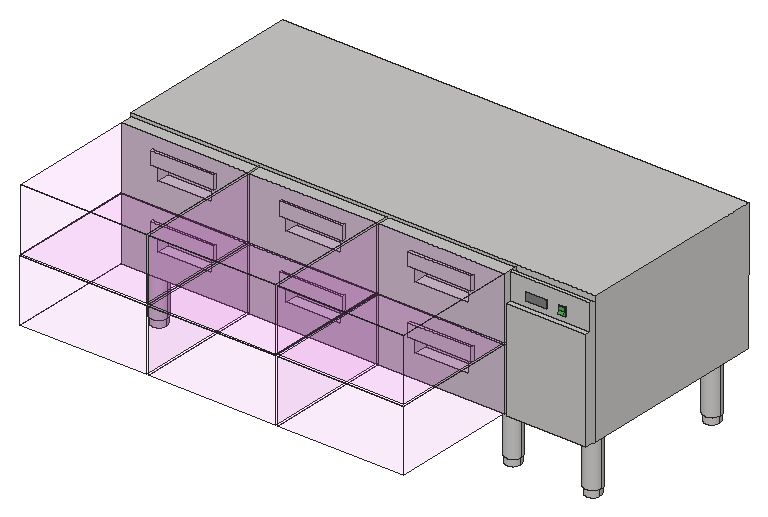
Revit family "QF_ELECTROLUXPROFESSIONAL_371296_E7TTBECOMKN", category Specialty Equipment, Revit 2018 (continued)
Lines and regions (mm)
  Split face 138
    outline origin (869.896, -348, 142.29) x (0, 0, -1) y (1, 0, 0)
      loop
        line (-116.984, -240.599) -> (-85.025, -240.599)
  Split face 139
    outline origin (881.897, -348, 142.29) x (0, 0, -1) y (1, 0, 0)
      loop
        arc (-85.025, -240.599) -> (-81.004, -236.61) -> (-85.004, -232.599) r 4
        line (-85.004, -232.599) -> (-117.004, -232.599)
        arc (-117.004, -232.599) -> (-121.004, -236.61) -> (-116.984, -240.599) r 4
        line (-116.984, -240.599) -> (-85.025, -240.599)
  Split face 140
    outline origin (893.896, -348, 142.29) x (0, 0, -1) y (1, 0, 0)
      loop
        arc (-85.025, -240.599) -> (-81.004, -236.61) -> (-85.004, -232.599) r 4
        line (-85.004, -232.599) -> (-117.004, -232.599)
        arc (-117.004, -232.599) -> (-121.004, -236.61) -> (-116.984, -240.599) r 4
        line (-116.984, -240.599) -> (-85.025, -240.599)
  Split face 141
    outline origin (905.896, -348, 142.29) x (0, 0, -1) y (1, 0, 0)
      loop
        arc (-85.025, -242.399) -> (-81.004, -238.41) -> (-85.004, -234.4) r 4
        line (-85.004, -234.4) -> (-117.004, -234.4)
        arc (-117.004, -234.4) -> (-121.004, -238.41) -> (-116.984, -242.399) r 4
        line (-116.984, -242.399) -> (-85.025, -242.399)
  Split face 142
    outline origin (917.896, -348, 142.29) x (0, 0, -1) y (1, 0, 0)
      loop
        arc (-85.025, -242.399) -> (-81.004, -238.41) -> (-85.004, -234.4) r 4
        line (-85.004, -234.4) -> (-117.004, -234.4)
        arc (-117.004, -234.4) -> (-121.004, -238.41) -> (-116.984, -242.399) r 4
        line (-116.984, -242.399) -> (-85.025, -242.399)
  Split face 143
    outline origin (929.896, -348, 142.29) x (0, 0, -1) y (1, 0, 0)
      loop
        arc (-85.025, -242.399) -> (-81.004, -238.41) -> (-85.004, -234.4) r 4
        line (-85.004, -234.4) -> (-117.004, -234.4)
        arc (-117.004, -234.4) -> (-121.004, -238.41) -> (-116.984, -242.399) r 4
        line (-116.984, -242.399) -> (-85.025, -242.399)
  Split face 144
    outline origin (941.896, -348, 142.29) x (0, 0, -1) y (1, 0, 0)
      loop
        arc (-85.025, -242.399) -> (-81.004, -238.41) -> (-85.004, -234.4) r 4
        line (-85.004, -234.4) -> (-117.004, -234.4)
        arc (-117.004, -234.4) -> (-121.004, -238.41) -> (-116.984, -242.399) r 4
        line (-116.984, -242.399) -> (-85.025, -242.399)
  Split face 145
    outline origin (953.896, -348, 142.29) x (0, 0, -1) y (1, 0, 0)
      loop
        arc (-85.025, -242.399) -> (-81.004, -238.41) -> (-85.004, -234.4) r 4
        line (-85.004, -234.4) -> (-117.004, -234.4)
        arc (-117.004, -234.4) -> (-121.004, -238.41) -> (-116.984, -242.399) r 4
        line (-116.984, -242.399) -> (-85.025, -242.399)
  Split face 146
    outline origin (965.896, -348, 142.29) x (0, 0, -1) y (1, 0, 0)
      loop
        arc (-85.025, -242.399) -> (-81.004, -238.41) -> (-85.004, -234.4) r 4
        line (-85.004, -234.4) -> (-117.004, -234.4)
        arc (-117.004, -234.4) -> (-121.004, -238.41) -> (-116.984, -242.399) r 4
        line (-116.984, -242.399) -> (-85.025, -242.399)
  Split face 147
    outline origin (977.896, -348, 142.29) x (0, 0, -1) y (1, 0, 0)
      loop
        arc (-85.025, -242.399) -> (-81.004, -238.41) -> (-85.004, -234.4) r 4
        line (-85.004, -234.4) -> (-117.004, -234.4)
        arc (-117.004, -234.4) -> (-121.004, -238.41) -> (-116.984, -242.399) r 4
        line (-116.984, -242.399) -> (-85.025, -242.399)
  Split face 148
    outline origin (989.896, -348, 142.29) x (0, 0, -1) y (1, 0, 0)
      loop
        arc (-85.025, -242.399) -> (-81.004, -238.41) -> (-85.004, -234.4) r 4
        line (-85.004, -234.4) -> (-117.004, -234.4)
        arc (-117.004, -234.4) -> (-121.004, -238.41) -> (-116.984, -242.399) r 4
        line (-116.984, -242.399) -> (-85.025, -242.399)
  Split face 149
    outline origin (1001.896, -348, 142.29) x (0, 0, -1) y (1, 0, 0)
      loop
        arc (-85.025, -242.399) -> (-81.004, -238.41) -> (-85.004, -234.4) r 4
        line (-85.004, -234.4) -> (-117.004, -234.4)
        arc (-117.004, -234.4) -> (-121.004, -238.41) -> (-116.984, -242.399) r 4
        line (-116.984, -242.399) -> (-85.025, -242.399)
  Split face 150
    outline origin (1013.896, -348, 142.29) x (0, 0, -1) y (1, 0, 0)
      loop
        arc (-85.025, -242.399) -> (-81.004, -238.41) -> (-85.004, -234.4) r 4
        line (-85.004, -234.4) -> (-117.004, -234.4)
        arc (-117.004, -234.4) -> (-121.004, -238.41) -> (-116.984, -242.399) r 4
        line (-116.984, -242.399) -> (-85.025, -242.399)
  Split face 151
    outline origin (786, -348, 142.29) x (0, 0, -1) y (1, 0, 0)
      loop
        arc (-85.025, -240.599) -> (-81.004, -236.61) -> (-85.004, -232.599) r 4
        line (-85.004, -232.599) -> (-117.004, -232.599)
        arc (-117.004, -232.599) -> (-121.004, -236.61) -> (-116.984, -240.599) r 4
        line (-116.984, -240.599) -> (-85.025, -240.599)
  symbolic lines, style "SpecialityEquipmentHiddenLines"
    curve 1: line (-799, 350, 0) -> (799, 350, 0)
    curve 2: line (-799, -348, 0) -> (-799, 350, 0)
    curve 3: line (799, -348, 0) -> (-799, -348, 0)
    curve 4: line (799, 350, 0) -> (799, -348, 0)
    curve 16: line (-799, -303, 0) -> (799, -303, 0)
  symbolic lines, style "QF_Door-Drawer Clearances"
    curve 5: line (-775, -348, 0) -> (-775, -473, 0)
    curve 6: line (-380.999, -473, 0) -> (-380.999, -348, 0)
    curve 7: line (-332.969, -348, 0) -> (-332.969, -473, 0)
    curve 8: line (-795, -473, 0) -> (-360.999, -473, 0)
    curve 9: line (-352.969, -473, 0) -> (81.031, -473, 0)
    curve 10: line (-795, -513, 0) -> (-360.999, -513, 0)
    curve 11: line (-352.969, -513, 0) -> (81.031, -513, 0)
    curve 12: line (-360.999, -513, 0) -> (-360.999, -473, 0)
    curve 13: line (-352.969, -473, 0) -> (-352.969, -513, 0)
    curve 14: line (-795, -473, 0) -> (-795, -513, 0)
    curve 15: line (81.031, -513, 0) -> (81.031, -473, 0)
    curve 17: line (523, -473, 0) -> (88.961, -473, 0)
    curve 18: line (523, -513, 0) -> (88.961, -513, 0)
    curve 19: line (523, -473, 0) -> (523, -513, 0)
    curve 20: line (88.961, -513, 0) -> (88.961, -473, 0)
    curve 21: line (61.031, -473, 0) -> (61.031, -348, 0)
    curve 22: line (108.961, -348, 0) -> (108.961, -473, 0)
    curve 23: line (503, -473, 0) -> (503, -348, 0)
    curve 24: line (-775, -513, 0) -> (-775, -638, 0)
    curve 25: line (-380.999, -638, 0) -> (-380.999, -513, 0)
    curve 26: line (-332.969, -513, 0) -> (-332.969, -638, 0)
    curve 27: line (-795, -638, 0) -> (-360.999, -638, 0)
    curve 28: line (-352.969, -638, 0) -> (81.031, -638, 0)
    curve 29: line (-795, -678, 0) -> (-360.999, -678, 0)
    curve 30: line (-352.969, -678, 0) -> (81.031, -678, 0)
    curve 31: line (-360.999, -678, 0) -> (-360.999, -638, 0)
    curve 32: line (-352.969, -638, 0) -> (-352.969, -678, 0)
    curve 33: line (-795, -638, 0) -> (-795, -678, 0)
    curve 34: line (81.031, -678, 0) -> (81.031, -638, 0)
    curve 35: line (523, -638, 0) -> (88.961, -638, 0)
    curve 36: line (523, -678, 0) -> (88.961, -678, 0)
    curve 37: line (523, -638, 0) -> (523, -678, 0)
    curve 38: line (88.961, -678, 0) -> (88.961, -638, 0)
    curve 39: line (61.031, -638, 0) -> (61.031, -513, 0)
    curve 40: line (108.961, -513, 0) -> (108.961, -638, 0)
    curve 41: line (503, -638, 0) -> (503, -513, 0)
Dimensions and locks
  plane 4 to level = 200 mm
  plane 5 "TOP" to level = 650 mm
  plane 5 "TOP" to plane 4 = 450 mm
  equal spacing: plane 8 "LEFT", plane 3 "Centro (Sinistra/Destra)", plane 9 "RIGHT"
  plane 8 "LEFT" to plane 9 "RIGHT" = 1600 mm
  equal spacing: plane 6 "BACK", plane 1 "Center X", plane 7 "FRONT"
  plane 6 "BACK" to plane 7 "FRONT" = 700 mm
  locked: plane 6 "BACK" to plane 10 at 653
  locked: plane 10 to plane 11 at 45
  locked: plane 8 "LEFT" to plane 12 at 55
  locked: plane 13 to plane 9 "RIGHT" at 55
  plane 12 to plane 14 = 1216 mm
  locked: plane 6 "BACK" to plane 15 at 88
  locked: plane 16 to plane 11 at 99
  locked: plane 19 to plane 9 "RIGHT" at 1
  locked: plane 8 "LEFT" to plane 18 at 1
  plane 19 to plane 17 = 513 mm
  locked: plane 6 "BACK" to plane 20 at 160
  plane 21 to plane 9 "RIGHT" = 42 mm
  plane 14 to plane 12 = 1216 mm
  plane 12 to plane 8 "LEFT" = 55 mm
  plane 9 "RIGHT" to plane 13 = 55 mm
  Extrusion 10 to Extrusion 10 = 434 mm
  Extrusion 13 to Extrusion 13 = 434.039 mm
  equal spacing: plane 5 "TOP", plane 22, plane 4
  aligned and locked: level to plane 2
  aligned and locked: plane 12 to nested 1
  aligned and locked: nested 1 to plane 16
  aligned and locked: nested 2 to plane 15
  aligned and locked: plane 14 to nested 3
  aligned and locked: nested 4 to plane 14
  aligned and locked: plane 13 to nested 5
  aligned and locked: nested 6 to plane 13
  aligned and locked: Extrusion 1 sketch curve to plane 6 "BACK"
  aligned and locked: Extrusion 1 sketch curve to plane 10
  aligned and locked: Extrusion 2 to plane 11
  aligned and locked: plane 19 to Extrusion 1
  aligned and locked: plane 4 to Extrusion 5
  aligned and locked: nested 2 to plane 12
Automatic sketch dimensions
  Extrusion 2 sketch curve to plane 24 = 0 mm
  Extrusion 2 sketch curve to plane 3 "Centro (Sinistra/Destra)" = 360.999 mm
  Extrusion 2 sketch curve to Extrusion 2 sketch curve = 123.7 mm
  plane 12 to Extrusion 2 sketch curve = 73.7 mm
  plane 18 to Extrusion 2 sketch curve = 4 mm
  plane 24 to Extrusion 2 sketch curve = 79.206 mm
  Extrusion 2 sketch curve to plane 5 "TOP" = 65 mm
  Extrusion 2 sketch curve to plane 5 "TOP" = 9.006 mm
  plane 20 to Extrusion 5 sketch curve = 0 mm
  plane 13 to Extrusion 5 sketch curve = 13 mm
  Extrusion 10 sketch curve to plane 24 = 0 mm
  plane 3 "Centro (Sinistra/Destra)" to Extrusion 10 sketch curve = 81.031 mm
  Extrusion 10 sketch curve to plane 3 "Centro (Sinistra/Destra)" = 42.668 mm
  plane 24 to Extrusion 10 sketch curve = 79.206 mm
  Extrusion 10 sketch curve to Extrusion 10 sketch curve = 186.601 mm
  Extrusion 10 sketch curve to Extrusion 10 sketch curve = 123.7 mm
  Extrusion 10 sketch curve to plane 5 "TOP" = 65 mm
  Extrusion 10 sketch curve to plane 5 "TOP" = 9.006 mm
  Extrusion 10 to Extrusion 11 sketch curve = 0 mm
  Extrusion 11 sketch curve to Extrusion 10 = 0 mm  (x3)
  Extrusion 12 sketch curve to Extrusion 10 = 15 mm  (x2)
  Extrusion 10 to Extrusion 12 sketch curve = 31.031 mm
  Extrusion 12 sketch curve to Extrusion 10 = 13.969 mm
  Extrusion 13 sketch curve to plane 24 = 0 mm
  Extrusion 13 sketch curve to plane 5 "TOP" = 9.006 mm
  Extrusion 13 sketch curve to plane 21 = 235 mm
  Extrusion 13 sketch curve to plane 14 = 71.738 mm
  Extrusion 13 sketch curve to plane 17 = 73.339 mm
  plane 3 "Centro (Sinistra/Destra)" to Extrusion 13 sketch curve = 88.961 mm
  plane 24 to Extrusion 13 sketch curve = 79.206 mm
  Extrusion 13 sketch curve to plane 5 "TOP" = 65 mm
  Extrusion 14 sketch curve to Extrusion 13 = 0 mm  (x4)
  Extrusion 15 sketch curve to Extrusion 13 = 15 mm  (x2)
  Extrusion 13 to Extrusion 15 sketch curve = 31.031 mm
  Extrusion 15 sketch curve to Extrusion 13 = 13.969 mm
  curve 1 to plane 6 "BACK" = 0 mm
  curve 1 to plane 18 = 0 mm
  curve 5 to plane 11 = 0 mm
  plane 10 to curve 16 = 0 mm
  curve 16 to plane 19 = 0 mm
  plane 18 to curve 8 = 4 mm
  plane 18 to curve 33 = 4 mm
  curve 10 to plane 7 "FRONT" = 163 mm
  curve 10 to plane 3 "Centro (Sinistra/Destra)" = 360.999 mm
  curve 31 to curve 10 = 0 mm
  curve 27 to curve 32 = 8.03 mm
  curve 10 to curve 11 = 8.03 mm
  plane 3 "Centro (Sinistra/Destra)" to curve 9 = 81.031 mm
  plane 3 "Centro (Sinistra/Destra)" to curve 34 = 81.031 mm
  curve 11 to curve 18 = 7.93 mm
  curve 28 to curve 35 = 7.93 mm
  plane 14 to curve 19 = 52 mm
  plane 14 to curve 36 = 52 mm
  curve 33 to curve 10 = 125 mm
  curve 37 to plane 7 "FRONT" = 288 mm
  curve 28 to curve 35 = 0 mm
  curve 34 to curve 28 = 40 mm
  curve 33 to curve 27 = 40 mm
  curve 36 to curve 35 = 40 mm
  curve 10 to curve 13 = 0 mm
  curve 35 to curve 18 = 125 mm
  curve 18 to curve 20 = 40 mm
  curve 15 to curve 17 = 0 mm
  curve 10 to curve 14 = 40 mm
  curve 27 to curve 24 = 20 mm
  curve 2 to curve 5 = 24 mm
  curve 25 to curve 27 = 20 mm
  curve 6 to curve 8 = 20 mm
  curve 11 to curve 26 = 20 mm
  curve 6 to curve 7 = 48.03 mm
  plane 3 "Centro (Sinistra/Destra)" to curve 21 = 61.031 mm
  curve 39 to curve 11 = 20 mm
  curve 17 to curve 22 = 20 mm
  curve 18 to curve 40 = 20 mm
  curve 23 to curve 17 = 20 mm
  curve 41 to curve 35 = 20 mm
  Extrusion 1 sketch curve to plane 19 = 0 mm
  Extrusion 1 sketch curve to plane 18 = 0 mm
  Extrusion 2 to Extrusion 3 sketch curve = 0 mm
  Extrusion 3 sketch curve to Extrusion 2 = 0 mm  (x3)
  Extrusion 4 sketch curve to Extrusion 2 = 15 mm  (x2)
  Extrusion 2 to Extrusion 4 sketch curve = 31.031 mm
  Extrusion 4 sketch curve to Extrusion 2 = 13.969 mm
  Extrusion 6 sketch curve to plane 11 = 0 mm
  Extrusion 6 sketch curve to plane 4 = 0 mm
  Extrusion 6 sketch curve to plane 10 = 0 mm
  plane 11 to Extrusion 6 sketch curve = 16.901 mm
  Extrusion 6 sketch curve to Extrusion 6 sketch curve = 11.336 mm
  plane 4 to Extrusion 6 sketch curve = 4.796 mm
  Extrusion 6 sketch curve to plane 10 = 15.163 mm
  Extrusion 6 sketch curve to plane 10 = 5.442 mm
  Extrusion 6 sketch curve to plane 5 "TOP" = 100.204 mm
  Extrusion 6 sketch curve to plane 5 "TOP" = 20.473 mm
  Extrusion 6 sketch curve to plane 5 "TOP" = 9.006 mm
  Extrusion 6 to Extrusion 7 sketch curve = 42.198 mm
  Extrusion 7 sketch curve to Extrusion 6 = 20 mm
  Extrusion 6 to Extrusion 7 sketch curve = 102.899 mm
  Extrusion 7 sketch curve to Extrusion 7 sketch curve = 22 mm
  Extrusion 6 to Extrusion 8 sketch curve = 42.198 mm
  Extrusion 8 sketch curve to Extrusion 6 = 20 mm
  Extrusion 6 to Extrusion 8 sketch curve = 54.901 mm
  Extrusion 8 sketch curve to Extrusion 8 sketch curve = 70 mm
  Split face 1 sketch curve to Extrusion 8 = 5 mm
  Split face 1 sketch curve to Extrusion 8 = 9 mm
  Split face 1 sketch curve to Extrusion 8 = 10 mm  (x2)
  Split face 2 sketch curve to Extrusion 8 = 12.5 mm
  Split face 2 sketch curve to Extrusion 8 = 7 mm
  Split face 3 sketch curve to Extrusion 8 = 7.5 mm
  Split face 3 sketch curve to Extrusion 8 = 7 mm
  Split face 4 sketch curve to Extrusion 8 = 11.5 mm
  Split face 4 sketch curve to Extrusion 8 = 7 mm
  Split face 5 sketch curve to Extrusion 8 = 7.5 mm
  Split face 5 sketch curve to Extrusion 8 = 7 mm
  Split face 6 sketch curve to Extrusion 8 = 12.5 mm
  Split face 6 sketch curve to Extrusion 8 = 7 mm
  Split face 7 sketch curve to Extrusion 8 = 11.5 mm
  Split face 7 sketch curve to Extrusion 8 = 7 mm
  Split face 8 sketch curve to Extrusion 8 = 7.047 mm
  Split face 8 sketch curve to Extrusion 8 = 2.047 mm
  Split face 8 sketch curve to Extrusion 8 = 10 mm
  Split face 8 sketch curve to Split face 8 sketch curve = 11 mm
  Split face 9 sketch curve to Extrusion 8 = 7.047 mm
  Split face 9 sketch curve to Extrusion 8 = 2.047 mm
  Split face 9 sketch curve to Extrusion 8 = 23 mm
  Split face 9 sketch curve to Split face 9 sketch curve = 11 mm
  Split face 10 sketch curve to Extrusion 8 = 7.047 mm
  Split face 10 sketch curve to Extrusion 8 = 2.047 mm
  Split face 10 sketch curve to Extrusion 8 = 34 mm
  Split face 10 sketch curve to Split face 10 sketch curve = 11 mm
  Split face 11 sketch curve to Extrusion 8 = 7.047 mm
  Split face 11 sketch curve to Extrusion 8 = 2.047 mm
  Split face 11 sketch curve to Extrusion 8 = 21 mm
  Split face 11 sketch curve to Extrusion 8 = 10 mm
  Extrusion 9 sketch curve to Extrusion 9 sketch curve = 0 mm  (x3)
  Extrusion 9 sketch curve to Extrusion 7 = 0 mm
  Extrusion 7 to Extrusion 9 sketch curve = 2.279 mm
  Extrusion 9 sketch curve to Extrusion 9 sketch curve = 0.116 mm
  Extrusion 9 sketch curve to Extrusion 9 sketch curve = 12.105 mm
  Extrusion 7 to Extrusion 9 sketch curve = 3.692 mm
  Extrusion 7 to Extrusion 9 sketch curve = 2.395 mm
  Split face 12 sketch curve to Extrusion 6 = 20.5 mm
  Split face 12 sketch curve to Split face 12 sketch curve = 0.02 mm  (x2)
  Split face 12 sketch curve to Split face 12 sketch curve = 31.959 mm
  Split face 12 sketch curve to Extrusion 6 = 30.401 mm
  Split face 12 sketch curve to Split face 12 sketch curve = 4 mm
  Split face 13 sketch curve to Extrusion 6 = 20.5 mm
  Split face 13 sketch curve to Split face 13 sketch curve = 0.02 mm  (x2)
  Split face 13 sketch curve to Split face 13 sketch curve = 31.959 mm
  Split face 13 sketch curve to Extrusion 6 = 42.4 mm
  Split face 13 sketch curve to Split face 13 sketch curve = 4 mm
  Split face 14 sketch curve to Extrusion 6 = 20.5 mm
  Split face 14 sketch curve to Split face 14 sketch curve = 0.02 mm  (x2)
  Split face 14 sketch curve to Split face 14 sketch curve = 31.959 mm
  Split face 14 sketch curve to Extrusion 6 = 54.4 mm
  Split face 14 sketch curve to Split face 14 sketch curve = 4 mm
  Split face 15 sketch curve to Extrusion 6 = 20.5 mm
  Split face 15 sketch curve to Split face 15 sketch curve = 0.02 mm  (x2)
  Split face 15 sketch curve to Split face 15 sketch curve = 31.959 mm
  Split face 15 sketch curve to Extrusion 6 = 66.297 mm
  Split face 15 sketch curve to Split face 15 sketch curve = 4 mm
  Split face 16 sketch curve to Extrusion 6 = 20.5 mm
  Split face 16 sketch curve to Split face 16 sketch curve = 0.02 mm  (x2)
  Split face 16 sketch curve to Split face 16 sketch curve = 31.959 mm
  Split face 16 sketch curve to Extrusion 6 = 78.297 mm
  Split face 16 sketch curve to Split face 16 sketch curve = 4 mm
  Split face 17 sketch curve to Extrusion 6 = 20.5 mm
  Split face 17 sketch curve to Split face 17 sketch curve = 0.02 mm  (x2)
  Split face 17 sketch curve to Split face 17 sketch curve = 31.959 mm
  Split face 17 sketch curve to Extrusion 6 = 90.297 mm
  Split face 17 sketch curve to Split face 17 sketch curve = 4 mm
  Split face 18 sketch curve to Extrusion 6 = 20.5 mm
  Split face 18 sketch curve to Split face 18 sketch curve = 0.02 mm  (x2)
  Split face 18 sketch curve to Split face 18 sketch curve = 31.959 mm
  Split face 18 sketch curve to Extrusion 6 = 102.297 mm
  Split face 18 sketch curve to Split face 18 sketch curve = 4 mm
  Split face 19 sketch curve to Extrusion 6 = 20.5 mm
  Split face 19 sketch curve to Split face 19 sketch curve = 0.02 mm  (x2)
  Split face 19 sketch curve to Split face 19 sketch curve = 31.959 mm
  Split face 19 sketch curve to Extrusion 6 = 114.297 mm
  Split face 19 sketch curve to Split face 19 sketch curve = 4 mm
  Split face 20 sketch curve to Extrusion 6 = 20.5 mm
  Split face 20 sketch curve to Split face 20 sketch curve = 0.02 mm  (x2)
  Split face 20 sketch curve to Split face 20 sketch curve = 31.959 mm
  Split face 20 sketch curve to Extrusion 6 = 126.297 mm
  Split face 20 sketch curve to Split face 20 sketch curve = 4 mm
  Split face 21 sketch curve to Extrusion 6 = 20.5 mm
  Split face 21 sketch curve to Split face 21 sketch curve = 0.02 mm  (x2)
  Split face 21 sketch curve to Split face 21 sketch curve = 31.959 mm
  Split face 21 sketch curve to Extrusion 6 = 134.503 mm
  Split face 21 sketch curve to Split face 21 sketch curve = 4 mm
  Split face 22 sketch curve to Extrusion 6 = 20.5 mm
  Split face 22 sketch curve to Split face 22 sketch curve = 0.02 mm  (x2)
  Split face 22 sketch curve to Split face 22 sketch curve = 31.959 mm
  Split face 22 sketch curve to Extrusion 6 = 122.504 mm
  Split face 22 sketch curve to Split face 22 sketch curve = 4 mm
  Split face 23 sketch curve to Extrusion 6 = 20.5 mm
  Split face 23 sketch curve to Split face 23 sketch curve = 0.02 mm  (x2)
  Split face 23 sketch curve to Split face 23 sketch curve = 31.959 mm
  Split face 23 sketch curve to Extrusion 6 = 110.503 mm
  Split face 23 sketch curve to Split face 23 sketch curve = 4 mm
  Split face 24 sketch curve to Extrusion 6 = 20.5 mm
  Split face 24 sketch curve to Split face 24 sketch curve = 0.02 mm  (x2)
  Split face 24 sketch curve to Split face 24 sketch curve = 31.959 mm
  Split face 24 sketch curve to Extrusion 6 = 98.503 mm
  Split face 24 sketch curve to Split face 24 sketch curve = 4 mm
  Split face 25 sketch curve to Extrusion 6 = 20.5 mm
  Split face 25 sketch curve to Split face 25 sketch curve = 0.02 mm  (x2)
  Split face 25 sketch curve to Split face 25 sketch curve = 31.959 mm
  Split face 25 sketch curve to Extrusion 6 = 86.503 mm
  Split face 25 sketch curve to Split face 25 sketch curve = 4 mm
  Split face 26 sketch curve to Extrusion 6 = 20.5 mm
  Split face 26 sketch curve to Split face 26 sketch curve = 0.02 mm  (x2)
  Split face 26 sketch curve to Split face 26 sketch curve = 31.959 mm
  Split face 26 sketch curve to Extrusion 6 = 74.504 mm
  Split face 26 sketch curve to Split face 26 sketch curve = 4 mm
  Split face 27 sketch curve to Extrusion 6 = 20.5 mm
  Split face 27 sketch curve to Split face 27 sketch curve = 0.02 mm  (x2)
  Split face 27 sketch curve to Split face 27 sketch curve = 31.959 mm
  Split face 27 sketch curve to Extrusion 6 = 62.503 mm
  Split face 27 sketch curve to Split face 27 sketch curve = 4 mm
  Split face 28 sketch curve to Extrusion 6 = 20.5 mm
  Split face 28 sketch curve to Split face 28 sketch curve = 0.02 mm  (x2)
  Split face 28 sketch curve to Split face 28 sketch curve = 31.959 mm
  Split face 28 sketch curve to Extrusion 6 = 50.504 mm
  Split face 28 sketch curve to Split face 28 sketch curve = 4 mm
  Split face 29 sketch curve to Extrusion 6 = 20.5 mm
  Split face 29 sketch curve to Split face 29 sketch curve = 0.02 mm  (x2)
  Split face 29 sketch curve to Split face 29 sketch curve = 31.959 mm
  Split face 29 sketch curve to Extrusion 6 = 38.504 mm
  Split face 29 sketch curve to Split face 29 sketch curve = 4 mm
  Split face 30 sketch curve to Extrusion 6 = 20.5 mm
  Split face 30 sketch curve to Split face 30 sketch curve = 0.02 mm  (x2)
  Split face 30 sketch curve to Split face 30 sketch curve = 31.959 mm
  Split face 30 sketch curve to Extrusion 6 = 26.504 mm
  Split face 30 sketch curve to Split face 30 sketch curve = 4 mm
  Split face 31 sketch curve to Extrusion 6 = 20.5 mm
  Split face 31 sketch curve to Split face 31 sketch curve = 0.02 mm  (x2)
  Split face 31 sketch curve to Split face 31 sketch curve = 31.959 mm
  Split face 31 sketch curve to Extrusion 6 = 18.401 mm
  Split face 31 sketch curve to Split face 31 sketch curve = 4 mm
  Split face 32 sketch curve to Extrusion 6 = 65.502 mm
  Split face 32 sketch curve to Split face 32 sketch curve = 0.02 mm  (x2)
  Split face 32 sketch curve to Split face 32 sketch curve = 31.959 mm
  Split face 32 sketch curve to Extrusion 6 = 30.401 mm
  Split face 32 sketch curve to Split face 32 sketch curve = 4 mm
  Split face 33 sketch curve to Extrusion 6 = 65.502 mm
  Split face 33 sketch curve to Split face 33 sketch curve = 0.02 mm  (x2)
  Split face 33 sketch curve to Split face 33 sketch curve = 31.959 mm
  Split face 33 sketch curve to Extrusion 6 = 42.4 mm
  Split face 33 sketch curve to Split face 33 sketch curve = 4 mm
  Split face 34 sketch curve to Extrusion 6 = 65.502 mm
  Split face 34 sketch curve to Split face 34 sketch curve = 0.02 mm  (x2)
  Split face 34 sketch curve to Split face 34 sketch curve = 31.959 mm
  Split face 34 sketch curve to Extrusion 6 = 54.4 mm
  Split face 34 sketch curve to Split face 34 sketch curve = 4 mm
  Split face 35 sketch curve to Extrusion 6 = 65.502 mm
  Split face 35 sketch curve to Split face 35 sketch curve = 0.02 mm  (x2)
  Split face 35 sketch curve to Split face 35 sketch curve = 31.959 mm
  Split face 35 sketch curve to Extrusion 6 = 66.297 mm
  Split face 35 sketch curve to Split face 35 sketch curve = 4 mm
  Split face 36 sketch curve to Extrusion 6 = 65.502 mm
  Split face 36 sketch curve to Split face 36 sketch curve = 0.02 mm  (x2)
  Split face 36 sketch curve to Split face 36 sketch curve = 31.959 mm
  Split face 36 sketch curve to Extrusion 6 = 78.297 mm
  Split face 36 sketch curve to Split face 36 sketch curve = 4 mm
  Split face 37 sketch curve to Extrusion 6 = 65.502 mm
  Split face 37 sketch curve to Split face 37 sketch curve = 0.02 mm  (x2)
  Split face 37 sketch curve to Split face 37 sketch curve = 31.959 mm
  Split face 37 sketch curve to Extrusion 6 = 90.297 mm
  Split face 37 sketch curve to Split face 37 sketch curve = 4 mm
  Split face 38 sketch curve to Extrusion 6 = 65.502 mm
  Split face 38 sketch curve to Split face 38 sketch curve = 0.02 mm  (x2)
  Split face 38 sketch curve to Split face 38 sketch curve = 31.959 mm
  Split face 38 sketch curve to Extrusion 6 = 102.297 mm
  Split face 38 sketch curve to Split face 38 sketch curve = 4 mm
  Split face 39 sketch curve to Extrusion 6 = 65.502 mm
  Split face 39 sketch curve to Split face 39 sketch curve = 0.02 mm  (x2)
  Split face 39 sketch curve to Split face 39 sketch curve = 31.959 mm
  Split face 39 sketch curve to Extrusion 6 = 114.297 mm
  Split face 39 sketch curve to Split face 39 sketch curve = 4 mm
  Split face 40 sketch curve to Extrusion 6 = 65.502 mm
  Split face 40 sketch curve to Split face 40 sketch curve = 0.02 mm  (x2)
  Split face 40 sketch curve to Split face 40 sketch curve = 31.959 mm
  Split face 40 sketch curve to Extrusion 6 = 126.297 mm
  Split face 40 sketch curve to Split face 40 sketch curve = 4 mm
  Split face 41 sketch curve to Extrusion 6 = 65.502 mm
  Split face 41 sketch curve to Split face 41 sketch curve = 0.02 mm  (x2)
  Split face 41 sketch curve to Split face 41 sketch curve = 31.959 mm
  Split face 41 sketch curve to Extrusion 6 = 134.503 mm
  Split face 41 sketch curve to Split face 41 sketch curve = 4 mm
  Split face 42 sketch curve to Extrusion 6 = 65.502 mm
  Split face 42 sketch curve to Split face 42 sketch curve = 0.02 mm  (x2)
  Split face 42 sketch curve to Split face 42 sketch curve = 31.959 mm
  Split face 42 sketch curve to Extrusion 6 = 122.504 mm
  Split face 42 sketch curve to Split face 42 sketch curve = 4 mm
  Split face 43 sketch curve to Extrusion 6 = 65.502 mm
  Split face 43 sketch curve to Split face 43 sketch curve = 0.02 mm  (x2)
  Split face 43 sketch curve to Split face 43 sketch curve = 31.959 mm
  Split face 43 sketch curve to Extrusion 6 = 110.503 mm
  Split face 43 sketch curve to Split face 43 sketch curve = 4 mm
  Split face 44 sketch curve to Extrusion 6 = 65.502 mm
  Split face 44 sketch curve to Split face 44 sketch curve = 0.02 mm  (x2)
  Split face 44 sketch curve to Split face 44 sketch curve = 31.959 mm
  Split face 44 sketch curve to Extrusion 6 = 98.503 mm
  Split face 44 sketch curve to Split face 44 sketch curve = 4 mm
  Split face 45 sketch curve to Extrusion 6 = 65.502 mm
  Split face 45 sketch curve to Split face 45 sketch curve = 0.02 mm  (x2)
  Split face 45 sketch curve to Split face 45 sketch curve = 31.959 mm
  Split face 45 sketch curve to Extrusion 6 = 86.503 mm
  Split face 45 sketch curve to Split face 45 sketch curve = 4 mm
  Split face 46 sketch curve to Extrusion 6 = 65.502 mm
  Split face 46 sketch curve to Split face 46 sketch curve = 0.02 mm  (x2)
  Split face 46 sketch curve to Split face 46 sketch curve = 31.959 mm
  Split face 46 sketch curve to Extrusion 6 = 74.504 mm
  Split face 46 sketch curve to Split face 46 sketch curve = 4 mm
  Split face 47 sketch curve to Extrusion 6 = 65.502 mm
  Split face 47 sketch curve to Split face 47 sketch curve = 0.02 mm  (x2)
  Split face 47 sketch curve to Split face 47 sketch curve = 31.959 mm
  Split face 47 sketch curve to Extrusion 6 = 62.503 mm
  Split face 47 sketch curve to Split face 47 sketch curve = 4 mm
  Split face 48 sketch curve to Extrusion 6 = 65.502 mm
  Split face 48 sketch curve to Split face 48 sketch curve = 0.02 mm  (x2)
  Split face 48 sketch curve to Split face 48 sketch curve = 31.959 mm
  Split face 48 sketch curve to Extrusion 6 = 50.504 mm
  Split face 48 sketch curve to Split face 48 sketch curve = 4 mm
  Split face 49 sketch curve to Extrusion 6 = 65.502 mm
  Split face 49 sketch curve to Split face 49 sketch curve = 0.02 mm  (x2)
  Split face 49 sketch curve to Split face 49 sketch curve = 31.959 mm
  Split face 49 sketch curve to Extrusion 6 = 38.504 mm
  Split face 49 sketch curve to Split face 49 sketch curve = 4 mm
  Split face 50 sketch curve to Extrusion 6 = 22.504 mm
  Split face 50 sketch curve to Extrusion 6 = 65.502 mm
  Split face 50 sketch curve to Split face 50 sketch curve = 0.02 mm  (x2)
  Split face 50 sketch curve to Split face 50 sketch curve = 31.959 mm
  Split face 50 sketch curve to Split face 50 sketch curve = 4 mm
  Split face 51 sketch curve to Extrusion 6 = 22.401 mm
  Split face 51 sketch curve to Extrusion 6 = 65.502 mm
  Split face 51 sketch curve to Split face 51 sketch curve = 0.02 mm  (x2)
  Split face 51 sketch curve to Split face 51 sketch curve = 31.959 mm
  Split face 51 sketch curve to Split face 51 sketch curve = 4 mm
  Split face 52 sketch curve to Extrusion 6 = 34.401 mm
  Split face 52 sketch curve to Extrusion 6 = 110.502 mm
  Split face 52 sketch curve to Split face 52 sketch curve = 0.02 mm  (x2)
  Split face 52 sketch curve to Split face 52 sketch curve = 31.959 mm
  Split face 52 sketch curve to Split face 52 sketch curve = 4 mm
  Split face 53 sketch curve to Extrusion 6 = 46.4 mm
  Split face 53 sketch curve to Extrusion 6 = 110.502 mm
  Split face 53 sketch curve to Split face 53 sketch curve = 0.02 mm  (x2)
  Split face 53 sketch curve to Split face 53 sketch curve = 31.959 mm
  Split face 53 sketch curve to Split face 53 sketch curve = 4 mm
  Split face 54 sketch curve to Extrusion 6 = 110.502 mm
  Split face 54 sketch curve to Split face 54 sketch curve = 0.02 mm  (x2)
  Split face 54 sketch curve to Split face 54 sketch curve = 31.959 mm
  Split face 54 sketch curve to Extrusion 6 = 54.4 mm
  Split face 54 sketch curve to Split face 54 sketch curve = 4 mm
  Split face 55 sketch curve to Extrusion 6 = 110.502 mm
  Split face 55 sketch curve to Split face 55 sketch curve = 0.02 mm  (x2)
  Split face 55 sketch curve to Split face 55 sketch curve = 31.959 mm
  Split face 55 sketch curve to Extrusion 6 = 66.297 mm
  Split face 55 sketch curve to Split face 55 sketch curve = 4 mm
  Split face 56 sketch curve to Extrusion 6 = 110.502 mm
  Split face 56 sketch curve to Split face 56 sketch curve = 0.02 mm  (x2)
  Split face 56 sketch curve to Split face 56 sketch curve = 31.959 mm
  Split face 56 sketch curve to Extrusion 6 = 78.297 mm
  Split face 56 sketch curve to Split face 56 sketch curve = 4 mm
  Split face 57 sketch curve to Extrusion 6 = 110.502 mm
  Split face 57 sketch curve to Split face 57 sketch curve = 0.02 mm  (x2)
  Split face 57 sketch curve to Split face 57 sketch curve = 31.959 mm
  Split face 57 sketch curve to Extrusion 6 = 90.297 mm
  Split face 57 sketch curve to Split face 57 sketch curve = 4 mm
  Split face 58 sketch curve to Extrusion 6 = 110.502 mm
  Split face 58 sketch curve to Split face 58 sketch curve = 0.02 mm  (x2)
  Split face 58 sketch curve to Split face 58 sketch curve = 31.959 mm
  Split face 58 sketch curve to Extrusion 6 = 102.297 mm
  Split face 58 sketch curve to Split face 58 sketch curve = 4 mm
  Split face 59 sketch curve to Extrusion 6 = 110.502 mm
  Split face 59 sketch curve to Split face 59 sketch curve = 0.02 mm  (x2)
  Split face 59 sketch curve to Split face 59 sketch curve = 31.959 mm
  Split face 59 sketch curve to Extrusion 6 = 114.297 mm
  Split face 59 sketch curve to Split face 59 sketch curve = 4 mm
  Split face 60 sketch curve to Extrusion 6 = 110.502 mm
  Split face 60 sketch curve to Split face 60 sketch curve = 0.02 mm  (x2)
  Split face 60 sketch curve to Split face 60 sketch curve = 31.959 mm
  Split face 60 sketch curve to Extrusion 6 = 126.297 mm
  Split face 60 sketch curve to Split face 60 sketch curve = 4 mm
  Split face 61 sketch curve to Extrusion 6 = 110.502 mm
  Split face 61 sketch curve to Split face 61 sketch curve = 0.02 mm  (x2)
  Split face 61 sketch curve to Split face 61 sketch curve = 31.959 mm
  Split face 61 sketch curve to Extrusion 6 = 134.503 mm
  Split face 61 sketch curve to Split face 61 sketch curve = 4 mm
  Split face 62 sketch curve to Extrusion 6 = 110.502 mm
  Split face 62 sketch curve to Split face 62 sketch curve = 0.02 mm  (x2)
  Split face 62 sketch curve to Split face 62 sketch curve = 31.959 mm
  Split face 62 sketch curve to Extrusion 6 = 122.504 mm
  Split face 62 sketch curve to Split face 62 sketch curve = 4 mm
  Split face 63 sketch curve to Extrusion 6 = 110.502 mm
  Split face 63 sketch curve to Split face 63 sketch curve = 0.02 mm  (x2)
  Split face 63 sketch curve to Split face 63 sketch curve = 31.959 mm
  Split face 63 sketch curve to Extrusion 6 = 110.503 mm
  Split face 63 sketch curve to Split face 63 sketch curve = 4 mm
  Split face 64 sketch curve to Extrusion 6 = 110.502 mm
  Split face 64 sketch curve to Split face 64 sketch curve = 0.02 mm  (x2)
  Split face 64 sketch curve to Split face 64 sketch curve = 31.959 mm
  Split face 64 sketch curve to Extrusion 6 = 98.503 mm
  Split face 64 sketch curve to Split face 64 sketch curve = 4 mm
  Split face 65 sketch curve to Extrusion 6 = 110.502 mm
  Split face 65 sketch curve to Split face 65 sketch curve = 0.02 mm  (x2)
  Split face 65 sketch curve to Split face 65 sketch curve = 31.959 mm
  Split face 65 sketch curve to Extrusion 6 = 86.503 mm
  Split face 65 sketch curve to Split face 65 sketch curve = 4 mm
  Split face 66 sketch curve to Extrusion 6 = 110.502 mm
  Split face 66 sketch curve to Split face 66 sketch curve = 0.02 mm  (x2)
  Split face 66 sketch curve to Split face 66 sketch curve = 31.959 mm
  Split face 66 sketch curve to Extrusion 6 = 74.504 mm
  Split face 66 sketch curve to Split face 66 sketch curve = 4 mm
  Split face 67 sketch curve to Extrusion 6 = 110.502 mm
  Split face 67 sketch curve to Split face 67 sketch curve = 0.02 mm  (x2)
  Split face 67 sketch curve to Split face 67 sketch curve = 31.959 mm
  Split face 67 sketch curve to Extrusion 6 = 62.503 mm
  Split face 67 sketch curve to Split face 67 sketch curve = 4 mm
  Split face 68 sketch curve to Extrusion 6 = 46.504 mm
  Split face 68 sketch curve to Extrusion 6 = 110.502 mm
  Split face 68 sketch curve to Split face 68 sketch curve = 0.02 mm  (x2)
  Split face 68 sketch curve to Split face 68 sketch curve = 31.959 mm
  Split face 68 sketch curve to Split face 68 sketch curve = 4 mm
  Split face 69 sketch curve to Extrusion 6 = 34.504 mm
  Split face 69 sketch curve to Extrusion 6 = 110.502 mm
  Split face 69 sketch curve to Split face 69 sketch curve = 0.02 mm  (x2)
  Split face 69 sketch curve to Split face 69 sketch curve = 31.959 mm
  Split face 69 sketch curve to Split face 69 sketch curve = 4 mm
  Split face 70 sketch curve to Extrusion 6 = 22.504 mm
  Split face 70 sketch curve to Extrusion 6 = 110.502 mm
  Split face 70 sketch curve to Split face 70 sketch curve = 0.02 mm  (x2)
  Split face 70 sketch curve to Split face 70 sketch curve = 31.959 mm
  Split face 70 sketch curve to Split face 70 sketch curve = 4 mm
  Split face 71 sketch curve to Extrusion 6 = 22.401 mm
  Split face 71 sketch curve to Extrusion 6 = 110.502 mm
  Split face 71 sketch curve to Split face 71 sketch curve = 0.02 mm  (x2)
  Split face 71 sketch curve to Split face 71 sketch curve = 31.959 mm
  Split face 71 sketch curve to Split face 71 sketch curve = 4 mm
  Split face 72 sketch curve to Extrusion 6 = 34.401 mm
  Split face 72 sketch curve to Extrusion 6 = 155.502 mm
  Split face 72 sketch curve to Split face 72 sketch curve = 0.02 mm  (x2)
  Split face 72 sketch curve to Split face 72 sketch curve = 31.959 mm
  Split face 72 sketch curve to Split face 72 sketch curve = 4 mm
  Split face 73 sketch curve to Extrusion 6 = 46.4 mm
  Split face 73 sketch curve to Extrusion 6 = 155.502 mm
  Split face 73 sketch curve to Split face 73 sketch curve = 0.02 mm  (x2)
  Split face 73 sketch curve to Split face 73 sketch curve = 31.959 mm
  Split face 73 sketch curve to Split face 73 sketch curve = 4 mm
  Split face 74 sketch curve to Extrusion 6 = 58.4 mm
  Split face 74 sketch curve to Extrusion 6 = 155.502 mm
  Split face 74 sketch curve to Split face 74 sketch curve = 0.02 mm  (x2)
  Split face 74 sketch curve to Split face 74 sketch curve = 31.959 mm
  Split face 74 sketch curve to Split face 74 sketch curve = 4 mm
  Split face 75 sketch curve to Extrusion 6 = 70.297 mm
  Split face 75 sketch curve to Extrusion 6 = 155.502 mm
  Split face 75 sketch curve to Split face 75 sketch curve = 0.02 mm  (x2)
  Split face 75 sketch curve to Split face 75 sketch curve = 31.959 mm
  Split face 75 sketch curve to Split face 75 sketch curve = 4 mm
  Split face 76 sketch curve to Extrusion 6 = 155.502 mm
  Split face 76 sketch curve to Split face 76 sketch curve = 0.02 mm  (x2)
  Split face 76 sketch curve to Split face 76 sketch curve = 31.959 mm
  Split face 76 sketch curve to Extrusion 6 = 78.297 mm
  Split face 76 sketch curve to Split face 76 sketch curve = 4 mm
  Split face 77 sketch curve to Extrusion 6 = 155.502 mm
  Split face 77 sketch curve to Split face 77 sketch curve = 0.02 mm  (x2)
  Split face 77 sketch curve to Split face 77 sketch curve = 31.959 mm
  Split face 77 sketch curve to Extrusion 6 = 90.297 mm
  Split face 77 sketch curve to Split face 77 sketch curve = 4 mm
  Split face 78 sketch curve to Extrusion 6 = 155.502 mm
  Split face 78 sketch curve to Split face 78 sketch curve = 0.02 mm  (x2)
  Split face 78 sketch curve to Split face 78 sketch curve = 31.959 mm
  Split face 78 sketch curve to Extrusion 6 = 102.297 mm
  Split face 78 sketch curve to Split face 78 sketch curve = 4 mm
  Split face 79 sketch curve to Extrusion 6 = 155.502 mm
  Split face 79 sketch curve to Split face 79 sketch curve = 0.02 mm  (x2)
  Split face 79 sketch curve to Split face 79 sketch curve = 31.959 mm
  Split face 79 sketch curve to Extrusion 6 = 114.297 mm
  Split face 79 sketch curve to Split face 79 sketch curve = 4 mm
  Split face 80 sketch curve to Extrusion 6 = 155.502 mm
  Split face 80 sketch curve to Split face 80 sketch curve = 0.02 mm  (x2)
  Split face 80 sketch curve to Split face 80 sketch curve = 31.959 mm
  Split face 80 sketch curve to Extrusion 6 = 126.297 mm
  Split face 80 sketch curve to Split face 80 sketch curve = 4 mm
  Split face 81 sketch curve to Extrusion 6 = 155.502 mm
  Split face 81 sketch curve to Split face 81 sketch curve = 0.02 mm  (x2)
  Split face 81 sketch curve to Split face 81 sketch curve = 31.959 mm
  Split face 81 sketch curve to Extrusion 6 = 134.503 mm
  Split face 81 sketch curve to Split face 81 sketch curve = 4 mm
  Split face 82 sketch curve to Extrusion 6 = 155.502 mm
  Split face 82 sketch curve to Split face 82 sketch curve = 0.02 mm  (x2)
  Split face 82 sketch curve to Split face 82 sketch curve = 31.959 mm
  Split face 82 sketch curve to Extrusion 6 = 122.504 mm
  Split face 82 sketch curve to Split face 82 sketch curve = 4 mm
  Split face 83 sketch curve to Extrusion 6 = 155.502 mm
  Split face 83 sketch curve to Split face 83 sketch curve = 0.02 mm  (x2)
  Split face 83 sketch curve to Split face 83 sketch curve = 31.959 mm
  Split face 83 sketch curve to Extrusion 6 = 110.503 mm
  Split face 83 sketch curve to Split face 83 sketch curve = 4 mm
  Split face 84 sketch curve to Extrusion 6 = 155.502 mm
  Split face 84 sketch curve to Split face 84 sketch curve = 0.02 mm  (x2)
  Split face 84 sketch curve to Split face 84 sketch curve = 31.959 mm
  Split face 84 sketch curve to Extrusion 6 = 98.503 mm
  Split face 84 sketch curve to Split face 84 sketch curve = 4 mm
  Split face 85 sketch curve to Extrusion 6 = 155.502 mm
  Split face 85 sketch curve to Split face 85 sketch curve = 0.02 mm  (x2)
  Split face 85 sketch curve to Split face 85 sketch curve = 31.959 mm
  Split face 85 sketch curve to Extrusion 6 = 86.503 mm
  Split face 85 sketch curve to Split face 85 sketch curve = 4 mm
  Split face 86 sketch curve to Extrusion 6 = 70.504 mm
  Split face 86 sketch curve to Extrusion 6 = 155.502 mm
  Split face 86 sketch curve to Split face 86 sketch curve = 0.02 mm  (x2)
  Split face 86 sketch curve to Split face 86 sketch curve = 31.959 mm
  Split face 86 sketch curve to Split face 86 sketch curve = 4 mm
  Split face 87 sketch curve to Extrusion 6 = 58.503 mm
  Split face 87 sketch curve to Extrusion 6 = 155.502 mm
  Split face 87 sketch curve to Split face 87 sketch curve = 0.02 mm  (x2)
  Split face 87 sketch curve to Split face 87 sketch curve = 31.959 mm
  Split face 87 sketch curve to Split face 87 sketch curve = 4 mm
  Split face 88 sketch curve to Extrusion 6 = 46.504 mm
  Split face 88 sketch curve to Extrusion 6 = 155.502 mm
  Split face 88 sketch curve to Split face 88 sketch curve = 0.02 mm  (x2)
  Split face 88 sketch curve to Split face 88 sketch curve = 31.959 mm
  Split face 88 sketch curve to Split face 88 sketch curve = 4 mm
  Split face 89 sketch curve to Extrusion 6 = 34.504 mm
  Split face 89 sketch curve to Extrusion 6 = 155.502 mm
  Split face 89 sketch curve to Split face 89 sketch curve = 0.02 mm  (x2)
  Split face 89 sketch curve to Split face 89 sketch curve = 31.959 mm
  Split face 89 sketch curve to Split face 89 sketch curve = 4 mm
  Split face 90 sketch curve to Extrusion 6 = 22.504 mm
  Split face 90 sketch curve to Extrusion 6 = 155.502 mm
  Split face 90 sketch curve to Split face 90 sketch curve = 0.02 mm  (x2)
  Split face 90 sketch curve to Split face 90 sketch curve = 31.959 mm
  Split face 90 sketch curve to Split face 90 sketch curve = 4 mm
  Split face 91 sketch curve to Extrusion 6 = 22.401 mm
  Split face 91 sketch curve to Extrusion 6 = 155.502 mm
  Split face 91 sketch curve to Split face 91 sketch curve = 0.02 mm  (x2)
  Split face 91 sketch curve to Split face 91 sketch curve = 31.959 mm
  Split face 91 sketch curve to Split face 91 sketch curve = 4 mm
  Split face 92 sketch curve to Extrusion 6 = 34.401 mm
  Split face 92 sketch curve to Extrusion 6 = 144.498 mm
  Split face 92 sketch curve to Split face 92 sketch curve = 0.02 mm  (x2)
  Split face 92 sketch curve to Split face 92 sketch curve = 31.959 mm
  Split face 92 sketch curve to Split face 92 sketch curve = 4 mm
  Split face 93 sketch curve to Extrusion 6 = 46.4 mm
  Split face 93 sketch curve to Extrusion 6 = 144.498 mm
  Split face 93 sketch curve to Split face 93 sketch curve = 0.02 mm  (x2)
  Split face 93 sketch curve to Split face 93 sketch curve = 31.959 mm
  Split face 93 sketch curve to Split face 93 sketch curve = 4 mm
  Split face 94 sketch curve to Extrusion 6 = 58.4 mm
  Split face 94 sketch curve to Extrusion 6 = 144.498 mm
  Split face 94 sketch curve to Split face 94 sketch curve = 0.02 mm  (x2)
  Split face 94 sketch curve to Split face 94 sketch curve = 31.959 mm
  Split face 94 sketch curve to Split face 94 sketch curve = 4 mm
  Split face 95 sketch curve to Extrusion 6 = 70.297 mm
  Split face 95 sketch curve to Extrusion 6 = 144.498 mm
  Split face 95 sketch curve to Split face 95 sketch curve = 0.02 mm  (x2)
  Split face 95 sketch curve to Split face 95 sketch curve = 31.959 mm
  Split face 95 sketch curve to Split face 95 sketch curve = 4 mm
  Split face 96 sketch curve to Extrusion 6 = 144.498 mm
  Split face 96 sketch curve to Split face 96 sketch curve = 0.02 mm  (x2)
  Split face 96 sketch curve to Split face 96 sketch curve = 31.959 mm
  Split face 96 sketch curve to Extrusion 6 = 78.297 mm
  Split face 96 sketch curve to Split face 96 sketch curve = 4 mm
  Split face 97 sketch curve to Extrusion 6 = 144.498 mm
  Split face 97 sketch curve to Split face 97 sketch curve = 0.02 mm  (x2)
  Split face 97 sketch curve to Split face 97 sketch curve = 31.959 mm
  Split face 97 sketch curve to Extrusion 6 = 90.297 mm
  Split face 97 sketch curve to Split face 97 sketch curve = 4 mm
  Split face 98 sketch curve to Extrusion 6 = 144.498 mm
  Split face 98 sketch curve to Split face 98 sketch curve = 0.02 mm  (x2)
  Split face 98 sketch curve to Split face 98 sketch curve = 31.959 mm
  Split face 98 sketch curve to Extrusion 6 = 102.297 mm
  Split face 98 sketch curve to Split face 98 sketch curve = 4 mm
  Split face 99 sketch curve to Extrusion 6 = 144.498 mm
  Split face 99 sketch curve to Split face 99 sketch curve = 0.02 mm  (x2)
  Split face 99 sketch curve to Split face 99 sketch curve = 31.959 mm
  Split face 99 sketch curve to Extrusion 6 = 114.297 mm
  Split face 99 sketch curve to Split face 99 sketch curve = 4 mm
  Split face 100 sketch curve to Extrusion 6 = 144.498 mm
  Split face 100 sketch curve to Split face 100 sketch curve = 0.02 mm  (x2)
  Split face 100 sketch curve to Split face 100 sketch curve = 31.959 mm
  Split face 100 sketch curve to Extrusion 6 = 126.297 mm
  Split face 100 sketch curve to Split face 100 sketch curve = 4 mm
  Split face 101 sketch curve to Extrusion 6 = 144.498 mm
  Split face 101 sketch curve to Split face 101 sketch curve = 0.02 mm  (x2)
  Split face 101 sketch curve to Split face 101 sketch curve = 31.959 mm
  Split face 101 sketch curve to Extrusion 6 = 134.503 mm
  Split face 101 sketch curve to Split face 101 sketch curve = 4 mm
  Split face 102 sketch curve to Extrusion 6 = 144.498 mm
  Split face 102 sketch curve to Split face 102 sketch curve = 0.02 mm  (x2)
  Split face 102 sketch curve to Split face 102 sketch curve = 31.959 mm
  Split face 102 sketch curve to Extrusion 6 = 122.504 mm
  Split face 102 sketch curve to Split face 102 sketch curve = 4 mm
  Split face 103 sketch curve to Extrusion 6 = 144.498 mm
  Split face 103 sketch curve to Split face 103 sketch curve = 0.02 mm  (x2)
  Split face 103 sketch curve to Split face 103 sketch curve = 31.959 mm
  Split face 103 sketch curve to Extrusion 6 = 110.503 mm
  Split face 103 sketch curve to Split face 103 sketch curve = 4 mm
  Split face 104 sketch curve to Extrusion 6 = 144.498 mm
  Split face 104 sketch curve to Split face 104 sketch curve = 0.02 mm  (x2)
  Split face 104 sketch curve to Split face 104 sketch curve = 31.959 mm
  Split face 104 sketch curve to Extrusion 6 = 98.503 mm
  Split face 104 sketch curve to Split face 104 sketch curve = 4 mm
  Split face 105 sketch curve to Extrusion 6 = 144.498 mm
  Split face 105 sketch curve to Split face 105 sketch curve = 0.02 mm  (x2)
  Split face 105 sketch curve to Split face 105 sketch curve = 31.959 mm
  Split face 105 sketch curve to Extrusion 6 = 86.503 mm
  Split face 105 sketch curve to Split face 105 sketch curve = 4 mm
  Split face 106 sketch curve to Extrusion 6 = 70.504 mm
  Split face 106 sketch curve to Extrusion 6 = 144.498 mm
  Split face 106 sketch curve to Split face 106 sketch curve = 0.02 mm  (x2)
  Split face 106 sketch curve to Split face 106 sketch curve = 31.959 mm
  Split face 106 sketch curve to Split face 106 sketch curve = 4 mm
  Split face 107 sketch curve to Extrusion 6 = 58.503 mm
  Split face 107 sketch curve to Extrusion 6 = 144.498 mm
  Split face 107 sketch curve to Split face 107 sketch curve = 0.02 mm  (x2)
  Split face 107 sketch curve to Split face 107 sketch curve = 31.959 mm
  Split face 107 sketch curve to Split face 107 sketch curve = 4 mm
  Split face 108 sketch curve to Extrusion 6 = 46.504 mm
  Split face 108 sketch curve to Extrusion 6 = 144.498 mm
  Split face 108 sketch curve to Split face 108 sketch curve = 0.02 mm  (x2)
  Split face 108 sketch curve to Split face 108 sketch curve = 31.959 mm
  Split face 108 sketch curve to Split face 108 sketch curve = 4 mm
  Split face 109 sketch curve to Extrusion 6 = 34.504 mm
  Split face 109 sketch curve to Extrusion 6 = 144.498 mm
  Split face 109 sketch curve to Split face 109 sketch curve = 0.02 mm  (x2)
  Split face 109 sketch curve to Split face 109 sketch curve = 31.959 mm
  Split face 109 sketch curve to Split face 109 sketch curve = 4 mm
  Split face 110 sketch curve to Extrusion 6 = 22.504 mm
  Split face 110 sketch curve to Extrusion 6 = 144.498 mm
  Split face 110 sketch curve to Split face 110 sketch curve = 0.02 mm  (x2)
  Split face 110 sketch curve to Split face 110 sketch curve = 31.959 mm
  Split face 110 sketch curve to Split face 110 sketch curve = 4 mm
  Split face 111 sketch curve to Extrusion 6 = 22.401 mm
  Split face 111 sketch curve to Extrusion 6 = 144.498 mm
  Split face 111 sketch curve to Split face 111 sketch curve = 0.02 mm  (x2)
  Split face 111 sketch curve to Split face 111 sketch curve = 31.959 mm
  Split face 111 sketch curve to Split face 111 sketch curve = 4 mm
  Split face 112 sketch curve to Extrusion 6 = 34.401 mm
  Split face 112 sketch curve to Extrusion 6 = 99.499 mm
  Split face 112 sketch curve to Split face 112 sketch curve = 0.02 mm  (x2)
  Split face 112 sketch curve to Split face 112 sketch curve = 31.959 mm
  Split face 112 sketch curve to Split face 112 sketch curve = 4 mm
  Split face 113 sketch curve to Extrusion 6 = 46.4 mm
  Split face 113 sketch curve to Extrusion 6 = 99.499 mm
  Split face 113 sketch curve to Split face 113 sketch curve = 0.02 mm  (x2)
  Split face 113 sketch curve to Split face 113 sketch curve = 31.959 mm
  Split face 113 sketch curve to Split face 113 sketch curve = 4 mm
  Split face 114 sketch curve to Extrusion 6 = 99.499 mm
  Split face 114 sketch curve to Split face 114 sketch curve = 0.02 mm  (x2)
  Split face 114 sketch curve to Split face 114 sketch curve = 31.959 mm
  Split face 114 sketch curve to Extrusion 6 = 54.4 mm
  Split face 114 sketch curve to Split face 114 sketch curve = 4 mm
  Split face 115 sketch curve to Extrusion 6 = 99.499 mm
  Split face 115 sketch curve to Split face 115 sketch curve = 0.02 mm  (x2)
  Split face 115 sketch curve to Split face 115 sketch curve = 31.959 mm
  Split face 115 sketch curve to Extrusion 6 = 66.297 mm
  Split face 115 sketch curve to Split face 115 sketch curve = 4 mm
  Split face 116 sketch curve to Extrusion 6 = 99.499 mm
  Split face 116 sketch curve to Split face 116 sketch curve = 0.02 mm  (x2)
  Split face 116 sketch curve to Split face 116 sketch curve = 31.959 mm
  Split face 116 sketch curve to Extrusion 6 = 78.297 mm
  Split face 116 sketch curve to Split face 116 sketch curve = 4 mm
  Split face 117 sketch curve to Extrusion 6 = 99.499 mm
  Split face 117 sketch curve to Split face 117 sketch curve = 0.02 mm  (x2)
  Split face 117 sketch curve to Split face 117 sketch curve = 31.959 mm
  Split face 117 sketch curve to Extrusion 6 = 90.297 mm
  Split face 117 sketch curve to Split face 117 sketch curve = 4 mm
  Split face 118 sketch curve to Extrusion 6 = 99.499 mm
  Split face 118 sketch curve to Split face 118 sketch curve = 0.02 mm  (x2)
  Split face 118 sketch curve to Split face 118 sketch curve = 31.959 mm
  Split face 118 sketch curve to Extrusion 6 = 102.297 mm
  Split face 118 sketch curve to Split face 118 sketch curve = 4 mm
  Split face 119 sketch curve to Extrusion 6 = 99.499 mm
  Split face 119 sketch curve to Split face 119 sketch curve = 0.02 mm  (x2)
  Split face 119 sketch curve to Split face 119 sketch curve = 31.959 mm
  Split face 119 sketch curve to Extrusion 6 = 114.297 mm
  Split face 119 sketch curve to Split face 119 sketch curve = 4 mm
  Split face 120 sketch curve to Extrusion 6 = 99.499 mm
  Split face 120 sketch curve to Split face 120 sketch curve = 0.02 mm  (x2)
  Split face 120 sketch curve to Split face 120 sketch curve = 31.959 mm
  Split face 120 sketch curve to Extrusion 6 = 126.297 mm
  Split face 120 sketch curve to Split face 120 sketch curve = 4 mm
  Split face 121 sketch curve to Extrusion 6 = 99.499 mm
  Split face 121 sketch curve to Split face 121 sketch curve = 0.02 mm  (x2)
  Split face 121 sketch curve to Split face 121 sketch curve = 31.959 mm
  Split face 121 sketch curve to Extrusion 6 = 134.503 mm
  Split face 121 sketch curve to Split face 121 sketch curve = 4 mm
  Split face 122 sketch curve to Extrusion 6 = 99.499 mm
  Split face 122 sketch curve to Split face 122 sketch curve = 0.02 mm  (x2)
  Split face 122 sketch curve to Split face 122 sketch curve = 31.959 mm
  Split face 122 sketch curve to Extrusion 6 = 122.504 mm
  Split face 122 sketch curve to Split face 122 sketch curve = 4 mm
  Split face 123 sketch curve to Extrusion 6 = 99.499 mm
  Split face 123 sketch curve to Split face 123 sketch curve = 0.02 mm  (x2)
  Split face 123 sketch curve to Split face 123 sketch curve = 31.959 mm
  Split face 123 sketch curve to Extrusion 6 = 110.503 mm
  Split face 123 sketch curve to Split face 123 sketch curve = 4 mm
  Split face 124 sketch curve to Extrusion 6 = 99.499 mm
  Split face 124 sketch curve to Split face 124 sketch curve = 0.02 mm  (x2)
  Split face 124 sketch curve to Split face 124 sketch curve = 31.959 mm
  Split face 124 sketch curve to Extrusion 6 = 98.503 mm
  Split face 124 sketch curve to Split face 124 sketch curve = 4 mm
  Split face 125 sketch curve to Extrusion 6 = 99.499 mm
  Split face 125 sketch curve to Split face 125 sketch curve = 0.02 mm  (x2)
  Split face 125 sketch curve to Split face 125 sketch curve = 31.959 mm
  Split face 125 sketch curve to Extrusion 6 = 86.503 mm
  Split face 125 sketch curve to Split face 125 sketch curve = 4 mm
  Split face 126 sketch curve to Extrusion 6 = 99.499 mm
  Split face 126 sketch curve to Split face 126 sketch curve = 0.02 mm  (x2)
  Split face 126 sketch curve to Split face 126 sketch curve = 31.959 mm
  Split face 126 sketch curve to Extrusion 6 = 74.504 mm
  Split face 126 sketch curve to Split face 126 sketch curve = 4 mm
  Split face 127 sketch curve to Extrusion 6 = 99.499 mm
  Split face 127 sketch curve to Split face 127 sketch curve = 0.02 mm  (x2)
  Split face 127 sketch curve to Split face 127 sketch curve = 31.959 mm
  Split face 127 sketch curve to Extrusion 6 = 62.503 mm
  Split face 127 sketch curve to Split face 127 sketch curve = 4 mm
  Split face 128 sketch curve to Extrusion 6 = 46.504 mm
  Split face 128 sketch curve to Extrusion 6 = 99.499 mm
  Split face 128 sketch curve to Split face 128 sketch curve = 0.02 mm  (x2)
  Split face 128 sketch curve to Split face 128 sketch curve = 31.959 mm
  Split face 128 sketch curve to Split face 128 sketch curve = 4 mm
  Split face 129 sketch curve to Extrusion 6 = 34.504 mm
  Split face 129 sketch curve to Extrusion 6 = 99.499 mm
  Split face 129 sketch curve to Split face 129 sketch curve = 0.02 mm  (x2)
  Split face 129 sketch curve to Split face 129 sketch curve = 31.959 mm
  Split face 129 sketch curve to Split face 129 sketch curve = 4 mm
  Split face 130 sketch curve to Extrusion 6 = 22.504 mm
  Split face 130 sketch curve to Extrusion 6 = 99.499 mm
  Split face 130 sketch curve to Split face 130 sketch curve = 0.02 mm  (x2)
  Split face 130 sketch curve to Split face 130 sketch curve = 31.959 mm
  Split face 130 sketch curve to Split face 130 sketch curve = 4 mm
  Split face 131 sketch curve to Extrusion 6 = 22.401 mm
  Split face 131 sketch curve to Extrusion 6 = 99.499 mm
  Split face 131 sketch curve to Split face 131 sketch curve = 0.02 mm  (x2)
  Split face 131 sketch curve to Split face 131 sketch curve = 31.959 mm
  Split face 131 sketch curve to Split face 131 sketch curve = 4 mm
  Split face 132 sketch curve to Extrusion 6 = 54.499 mm
  Split face 132 sketch curve to Split face 132 sketch curve = 0.02 mm  (x2)
  Split face 132 sketch curve to Extrusion 6 = 22.519 mm
  Split face 132 sketch curve to Extrusion 6 = 30.401 mm
  Split face 132 sketch curve to Split face 132 sketch curve = 4 mm
  Split face 133 sketch curve to Extrusion 6 = 54.499 mm
  Split face 133 sketch curve to Split face 133 sketch curve = 0.02 mm  (x2)
  Split face 133 sketch curve to Extrusion 6 = 22.519 mm
  Split face 133 sketch curve to Extrusion 6 = 42.4 mm
  Split face 133 sketch curve to Split face 133 sketch curve = 4 mm
  Split face 134 sketch curve to Extrusion 6 = 54.499 mm
  Split face 134 sketch curve to Split face 134 sketch curve = 0.02 mm  (x2)
  Split face 134 sketch curve to Extrusion 6 = 22.519 mm
  Split face 134 sketch curve to Extrusion 6 = 54.4 mm
  Split face 134 sketch curve to Split face 134 sketch curve = 4 mm
  Split face 135 sketch curve to Extrusion 6 = 54.499 mm
  Split face 135 sketch curve to Split face 135 sketch curve = 0.02 mm  (x2)
  Split face 135 sketch curve to Extrusion 6 = 22.519 mm
  Split face 135 sketch curve to Extrusion 6 = 66.297 mm
  Split face 135 sketch curve to Split face 135 sketch curve = 4 mm
  Split face 136 sketch curve to Extrusion 6 = 54.499 mm
  Split face 136 sketch curve to Split face 136 sketch curve = 0.02 mm  (x2)
  Split face 136 sketch curve to Extrusion 6 = 22.519 mm
  Split face 136 sketch curve to Extrusion 6 = 78.297 mm
  Split face 136 sketch curve to Split face 136 sketch curve = 4 mm
  Split face 137 sketch curve to Extrusion 6 = 54.499 mm
  Split face 137 sketch curve to Split face 137 sketch curve = 0.02 mm  (x2)
  Split face 137 sketch curve to Extrusion 6 = 22.519 mm
  Split face 137 sketch curve to Extrusion 6 = 90.297 mm
  Split face 137 sketch curve to Split face 137 sketch curve = 4 mm
  Split face 138 sketch curve to Extrusion 6 = 54.499 mm
  Split face 138 sketch curve to Split face 138 sketch curve = 0.02 mm  (x2)
  Split face 138 sketch curve to Extrusion 6 = 22.519 mm
  Split face 138 sketch curve to Extrusion 6 = 102.297 mm
  Split face 138 sketch curve to Split face 138 sketch curve = 4 mm
  Split face 139 sketch curve to Extrusion 6 = 54.499 mm
  Split face 139 sketch curve to Split face 139 sketch curve = 0.02 mm  (x2)
  Split face 139 sketch curve to Extrusion 6 = 22.519 mm
  Split face 139 sketch curve to Extrusion 6 = 114.297 mm
  Split face 139 sketch curve to Split face 139 sketch curve = 4 mm
  Split face 140 sketch curve to Extrusion 6 = 54.499 mm
  Split face 140 sketch curve to Split face 140 sketch curve = 0.02 mm  (x2)
  Split face 140 sketch curve to Extrusion 6 = 22.519 mm
  Split face 140 sketch curve to Extrusion 6 = 126.297 mm
  Split face 140 sketch curve to Split face 140 sketch curve = 4 mm
  Split face 141 sketch curve to Extrusion 6 = 54.499 mm
  Split face 141 sketch curve to Split face 141 sketch curve = 0.02 mm  (x2)
  Split face 141 sketch curve to Extrusion 6 = 22.519 mm
  Split face 141 sketch curve to Extrusion 6 = 134.503 mm
  Split face 141 sketch curve to Split face 141 sketch curve = 4 mm
  Split face 142 sketch curve to Extrusion 6 = 54.499 mm
  Split face 142 sketch curve to Split face 142 sketch curve = 0.02 mm  (x2)
  Split face 142 sketch curve to Extrusion 6 = 22.519 mm
  Split face 142 sketch curve to Extrusion 6 = 122.504 mm
  Split face 142 sketch curve to Split face 142 sketch curve = 4 mm
  Split face 143 sketch curve to Extrusion 6 = 54.499 mm
  Split face 143 sketch curve to Split face 143 sketch curve = 0.02 mm  (x2)
  Split face 143 sketch curve to Extrusion 6 = 22.519 mm
  Split face 143 sketch curve to Extrusion 6 = 110.503 mm
  Split face 143 sketch curve to Split face 143 sketch curve = 4 mm
  Split face 144 sketch curve to Extrusion 6 = 54.499 mm
  Split face 144 sketch curve to Split face 144 sketch curve = 0.02 mm  (x2)
  Split face 144 sketch curve to Extrusion 6 = 22.519 mm
  Split face 144 sketch curve to Extrusion 6 = 98.503 mm
  Split face 144 sketch curve to Split face 144 sketch curve = 4 mm
